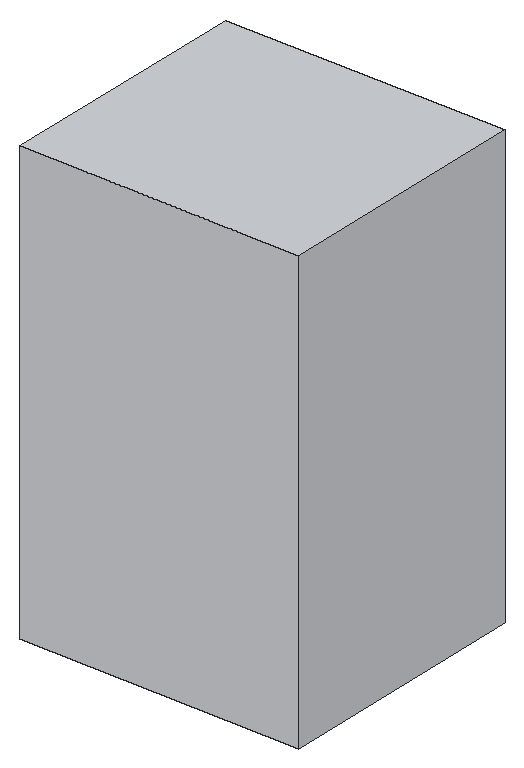
Revit family "CVC_Chaudiere_Weishaupt_WTC-GW-60-B-H", category Equipement de génie climatique, Revit 2026
Family settings
  Cote de connecteur circulaire = Utiliser le diamètre
  Type d'élément = Normal
  Basée sur le plan de construction = Non
  Toujours verticalement = Oui
  Couper avec des vides une fois chargée = Non
  Conserver l'orientation des annotations = Non
  Partagée = Non
  Repère de localisation dans la pièce = Non
Parameters (values of type "Standard")
  Modèle = "WTC-GW 60-B H"
  Fabricant = "Weishaupt"
  Elévation par défaut = 0 mm
  Description = "Chaudiere gaz a condensation 60 kW (CCTP lot 12 ; x2)"
  Commentaires du type = "Famille simplifiee creee par l equipe : enveloppe 500x460x792 mm d apres la notice Weishaupt 83321401, a verifier"
Reference planes
  plane 1 "Centre (avant/arrière)": y = 0
  plane 2: z = 0
  plane 3 "Centre (gauche/droite)": x = 0
Forms (mm)
  Extrusion 1, solid
    sketch origin (0, 0, 0) x (1, 0, 0) y (0, 1, 0)
      loop
        line (-250, -230) -> (250, -230) -> (250, 230) -> (-250, 230) -> (-250, -230)
    from 0 to 792
  Extrusion 2, solid
    sketch origin (0, 0, 792) x (1, 0, 0) y (0, 1, 0)
      loop
        circle (-120, -80) r 20
    from 0 to 60
  Extrusion 3, solid
    sketch origin (0, 0, 792) x (1, 0, 0) y (0, 1, 0)
      loop
        circle (120, -80) r 20
    from 0 to 60
  Extrusion 4, solid
    sketch origin (0, 0, 792) x (1, 0, 0) y (0, 1, 0)
      loop
        circle (0, -150) r 11
    from 0 to 60
  Extrusion 5, solid
    sketch origin (0, 0, 792) x (1, 0, 0) y (0, 1, 0)
      loop
        circle (0, 90) r 62.5
    from 0 to 60
Dimensions and locks
  aligned and locked: level to plane 2
Connectors
  piping at (-120, -80, 852), diameter 40
    settings: on Extrusion 2, index 1, connector inside diameter 609.6 mm, connector length 0 mm, flow factor 0, pipe flow 0.0 L/s, pressure drop 0.0 Pa, fitting loss kfactor 0, connector angle 0.00°, fixture units 0, engagement length 0 mm, angle of deflection 0.00°, flow configuration 0, flow direction 0, fitting loss method 0, system type 7, joint type 0, gender type 0, connector reference index -1, connector utility 0, adjustable connector no, is connector primary yes, connector description "Depart chauffage G1 1/2"
  piping at (120, -80, 852), diameter 40
    settings: on Extrusion 3, index 2, connector inside diameter 609.6 mm, connector length 0 mm, flow factor 0, pipe flow 0.0 L/s, pressure drop 0.0 Pa, fitting loss kfactor 0, connector angle 0.00°, fixture units 0, engagement length 0 mm, angle of deflection 0.00°, flow configuration 0, flow direction 0, fitting loss method 0, system type 8, joint type 0, gender type 0, connector reference index -1, connector utility 0, adjustable connector no, is connector primary no, connector description "Retour chauffage G1 1/2"
  piping at (0, -150, 852), diameter 22
    settings: on Extrusion 4, index 3, connector inside diameter 609.6 mm, connector length 0 mm, flow factor 0, pipe flow 0.0 L/s, pressure drop 0.0 Pa, fitting loss kfactor 0, connector angle 0.00°, fixture units 0, engagement length 0 mm, angle of deflection 0.00°, flow configuration 0, flow direction 0, fitting loss method 0, system type 22, joint type 0, gender type 0, connector reference index -1, connector utility 0, adjustable connector no, is connector primary no, connector description "Gaz"
  hvac at (0, 90, 852)
    settings: on Extrusion 5, index 4, duct flow 0.0 L/s, flow factor 0, pres drop 0.0 Pa, loss coef 0, conn angle 0.00°, conn width 304.8 mm, conn height 304.8 mm, conn diameter 125 mm, duct sys type 3, conn prof type 0, flow config 0, flow direction 0, loss method 0, conn ref index -1, conn util no, is conn primary yes, conn desc "Fumees / air DN80-125"
